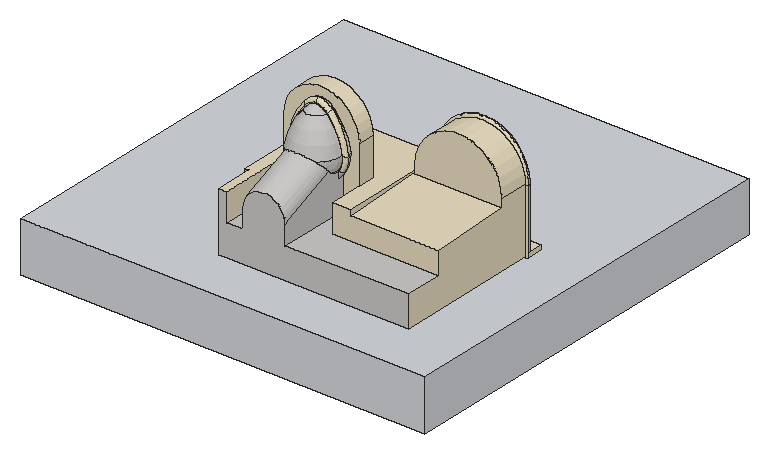
Revit family
Parameters (values of type "4049-L-1")
  Waste Connection = yes
  WO3 - Waste Outlet 3" OD in Lieu of Standard 2-3/8" OD = no
  WFU = 0
  Voltage = 0
  Vent Connection = no
  VF - Concealed H & C Foot Pedal Operated Air-Control Valve = no
  URL = "http://www.whitehallmfg.com"
  ULF - 1.6 GPF = no
  Type Comments = ""
  Toilet Waste - On-Floor, Wall Outlet = no
  Toilet Waste - On-Floor, Floor Outlet = no
  Toilet Waste - Off-Floor, Wall Outlet = no
  Toilet Material = Stainless Steel
  Tempered Water Connection = no
  SUG - Swing Up Grab Bar = no
  SO - Sensor Operated Valve = no
  SF - Special Finish (Specify Color) = no
  Revised Date = "24/07/2012"
  R - Right Hand Toilet = no
  Phone# = "626-336-4561"
  OCR - Optional Color Resin Countertop (Specify Color) = no
  OCP - Optional Color Plastic Panels (Specify Color) = no
  Model = "4049-L"
  Material = Laminate
  Manufacturer = "Whitehall Mfg"
  MT - Metal Template = no
  Lavatory Material = 304 Stainless Steel
  LS - Lavatory Hose Spray = no
  LLV - Less Lavy & Valve with Countertop = no
  LFN - Laminar Flow Nozzle = no
  LCTLV - Less Countertop, Lavy & Valve = no
  LCTL - Less Countertop & Lavy with Valve = no
  LCT - Less Countertop, with Lavy & Valve = no
  L - Left Hand Toilet = yes
  HWFU = 0
  HW Connection = yes
  HET - High Efficiency Toilet = no
  HET - 1.28 GPF = no
  GB - 23" Grab Bar = no
  EG - Enviro-Glaze: Toilet Interior (Specify Color) = no
  EG - Enviro-Glaze: Toilet Exterior Only (Specify Color) = no
  EG - Enviro-Glaze: Lavy (Specify Color) = no
  EC - Extended Countertop = no
  Designed By = "ATS BIM Team"
  Description = "Whitehall Versalette 47\" Wide"
  Default Elevation = 34 5/8"
  DB2 - Hemo-Dialysis Box, Dual Valve = no
  DB1 - Hemo-Dialysis Box, Single Valve = no
  Color Selection: Countertop _________ = no
  Color Selection: Cabinet_________ = no
  CWFU = 0
  CW Connection = yes
  CS - Stainless Steel Countertop = no
  CNCTL - Corian Countertop w/ Integral Corian Lavy = no
  CNCT - Corian Countertop w/ Stainless Steel Lavy = no
  CCL - Corterra Countertop with Integral Corterra Lavy = no
  BWD - Bedpan Washer Drain = no
  BL - Bedpan Lugs = no
  BAT - Battery Operated (-SO) = no
  Assembly Code = ""
  Amperage = 0
  AE - Aerator (on Gooseneck Spout) = no
  4 - Right & Left Hand Corner (Three Wall) = no
  3.5 GPF = no
  3 - Left Hand Corner (Two Wall) = no
  2 - Right Hand Corner (Two Wall) = no
  1 - Back Wall Only (One Wall) = yes
Reference planes
  plane 1 "Center (Front/Back)": y = 0
  plane 2: z = 0
  plane 3 "Center (Left/Right)": x = 0
  plane 4: y = -904.875
  plane 5: z = 187.027
  plane 6: z = 322.163
  plane 7: z = 355.6
  plane 8: y = -676.275
  plane 9: z = 641.35
  plane 10: z = 696.03
  plane 11: x = -298.45
  plane 12: x = 869.95
  plane 13: z = 666.75
  plane 14: x = 882.65
  plane 15: x = -311.15
  plane 16: x = 336.55
  plane 17: z = 812.8
  plane 18: x = 228.6
  plane 19: x = -228.6
  plane 20: z = 429.816
  plane 21: y = -125.016
  plane 22: x = 438.15
  plane 23: x = 520.7
  plane 24: x = 476.25
  plane 25: y = -695.325
  plane 26: x = -120.65
  plane 27: y = -142.875
  plane 28: x = 609.6
Forms (mm)
  Extrusion 1, solid
    sketch origin (0, 0, 0) x (1, 0, 0) y (0, 1, 0)
      loop
        line (-1219.2, 1219.2) -> (-1219.2, -1219.2) -> (1219.2, -1219.2) -> (1219.2, 1219.2) -> (-1219.2, 1219.2)
    from 0 to -304.8
  Extrusion 2, solid, material "Laminate" <- "Material"
    sketch origin (-184.15, 199.58, 127) x (1, 0, 0) y (0, 0, 1)
      loop
        line (-44.45, 228.6) -> (412.75, 228.6) -> (412.75, 457.2)
        arc (412.75, 457.2) -> (184.15, 685.8) -> (-44.45, 457.2) r 228.6
        line (-44.45, 457.2) -> (-44.45, 228.6)
    from 571.055 to 672.655
  Revolve 3, solid, material "Laminate" <- "Material"
    sketch origin (0, -511.175, 424.595) x (1, 0, 0) y (0, 0, -1)
      loop
        arc (-59.498, 68.995) -> (-102.872, 38.208) -> (-135.198, -4.031) r 177.8
        arc (-135.198, -4.031) -> (-149.607, -41.827) -> (-153.101, -82.124) r 146.109
        arc (-153.101, -82.124) -> (-121.485, -187.079) -> (-61.186, -278.615) r 379.412
        arc (-61.186, -278.615) -> (-33.475, -300.832) -> (0, -312.701) r 106.499
        line (0, -312.701) -> (0, -271.419)
        arc (0, -271.419) -> (-23.477, -264.815) -> (-40.606, -247.455) r 47.625
        arc (-40.606, -247.455) -> (-84.81, -177.697) -> (-111.177, -99.434) r 345.147
        arc (-111.177, -99.434) -> (-88.17, -4.318) -> (0, 38.135) r 114.3
        line (0, 38.135) -> (0, 68.995) -> (-59.498, 68.995)
      axis (0, -312.701) -> (0, 68.995)
    angle from 0 to 180
  Sweep 4, solid, material "Laminate" <- "Material"
    path origin (-184.15, 85.725, 127) x (1, 0, 0) y (0, 0, 1)
      loop
        arc (245.336, 576.21) -> (217.625, 598.427) -> (184.15, 610.296) r 106.499
        arc (184.15, 610.296) -> (150.675, 598.427) -> (122.964, 576.21) r 106.499
        arc (122.964, 576.21) -> (62.665, 484.674) -> (31.049, 379.719) r 379.412
        arc (31.049, 379.719) -> (34.543, 339.421) -> (48.952, 301.626) r 146.109
        arc (48.952, 301.626) -> (81.278, 259.387) -> (124.652, 228.6) r 177.8
        line (124.652, 228.6) -> (243.648, 228.6)
        arc (243.648, 228.6) -> (287.022, 259.387) -> (319.348, 301.626) r 177.8
        arc (319.348, 301.626) -> (333.757, 339.421) -> (337.251, 379.719) r 146.109
        arc (337.251, 379.719) -> (305.635, 484.674) -> (245.336, 576.21) r 379.412
    profile origin (0, 85.725, 737.296) x (0.172343, 0, 0.985037) y (0, -1, 0)
      loop
        spline (24.703, 572.919) -> (25.23, 575.776) -> (25.324, 578.681) -> (24.981, 581.566) -> (24.21, 584.365) -> (23.029, 587.013) -> (21.464, 589.447) -> (19.553, 591.611) -> (17.34, 593.455) -> (14.877, 594.935) -> (12.22, 596.018) -> (9.432, 596.678) -> (6.577, 596.9)
        line (6.577, 596.9) -> (0, 596.9) -> (0, 533.4) -> (14.272, 533.4) -> (24.703, 572.919)
  Extrusion 5, solid, material "Laminate" <- "Material"
    sketch origin (-298.45, 0, 0) x (0, 1, 0) y (0, 0, 1)
      loop
        line (-904.875, 0) -> (0, 0) -> (0, 355.6) -> (-904.875, 355.6) -> (-904.875, 0)
    from 0 to 1168.4
  Extrusion 6, void
    sketch origin (869.95, 0, 0) x (0, 0, -1) y (0, 1, 0)
      loop
        line (-322.148, -676.275) -> (-355.6, -25.4) -> (-355.6, -676.275) -> (-322.148, -676.275)
    from -533.4 to 0
  Extrusion 7, solid, material "Laminate" <- "Material"
    sketch origin (571.5, -25.4, 0) x (1, 0, 0) y (0, 0, 1)
      loop
        arc (298.45, 393.7) -> (38.1, 654.05) -> (-222.25, 393.7) r 260.35
        line (-222.25, 393.7) -> (-222.25, 332.598) -> (298.45, 332.598) -> (298.45, 393.7)
    from -25.4 to 177.8
  Sweep 8, solid, material "Laminate" <- "Material"
    path origin (571.5, 0, 0) x (1, 0, 0) y (0, 0, 1)
      loop
        line (311.15, 0) -> (311.15, 393.7)
        arc (311.15, 393.7) -> (38.1, 666.75) -> (-234.95, 393.7) r 273.05
        line (-234.95, 393.7) -> (-234.95, 355.6) -> (-882.65, 355.6) -> (-882.65, 0)
    profile origin (882.65, 0, 196.85) x (-1, 0, 0) y (0, -1, 0)
      loop
        line (12.7, 0) -> (12.7, 25.4)
        arc (12.7, 25.4) -> (3.72, 21.68) -> (0, 12.7) r 12.7
        arc (0, 12.7) -> (3.72, 3.72) -> (12.7, 0) r 12.7
  Extrusion 9, void
    sketch origin (869.95, 0, 0) x (0, 0, 1) y (0, 1, 0)
      loop
        line (355.6, -676.275) -> (187.027, -676.275) -> (187.027, -904.875) -> (355.6, -904.875) -> (355.6, -676.275)
    from 0 to 1098.55
  Extrusion 10, solid, material "Laminate" <- "Material"
    sketch origin (869.95, 0, 0) x (0, 0, -1) y (0, 1, 0)
      loop
        line (0, -16.809) -> (0, 76.2) -> (-25.4, 76.2) -> (-25.4, -16.809) -> (0, -16.809)
    from 12.7 to -1181.1
  Blend 11, solid, material "Laminate" <- "Material"
    base sketch origin (0, 0, 0) x (1, 0, 0) y (0, 0, 1)
      loop
        arc (127, 299.343) -> (0, 426.343) -> (-127, 299.343) r 127
        line (-127, 299.343) -> (-127, 187.027) -> (127, 187.027) -> (127, 299.343)
    top sketch origin (0, 0, 0) x (1, 0, 0) y (0, 0, 1)
      loop
        arc (127, 489.843) -> (0, 616.843) -> (-127, 489.843) r 127
        line (-127, 489.843) -> (-127, 187.027) -> (127, 187.027) -> (127, 489.843)
    from 904.875 to 473.075
  Extrusion 12, void
    sketch origin (0, 0, 0) x (1, 0, 0) y (0, 1, 0)
      loop
        line (-298.45, -676.275) -> (-298.45, -904.875) -> (-273.05, -904.875) -> (-273.05, -676.275) -> (-298.45, -676.275)
    from 0 to 355.6
  Extrusion 13, void
    sketch origin (0, 0, 0) x (1, 0, 0) y (0, 1, 0)
      loop
        line (-228.6, -904.875) -> (228.6, -904.875) -> (228.6, -473.075) -> (-228.6, -473.075) -> (-228.6, -904.875)
    from 187.027 to 355.6
  Blend 14, void
    base sketch origin (0, 0, 18.915) x (-1, 0, 0) y (0, 0, 1)
      loop
        arc (-496.019, 183.695) -> (-448.274, 195.612) -> (-411.729, 228.569) r 101.6
        arc (-411.729, 228.569) -> (-609.6, 619.657) -> (-807.471, 228.569) r 245.6
        arc (-807.471, 228.569) -> (-770.926, 195.612) -> (-723.181, 183.695) r 101.6
        line (-723.181, 183.695) -> (-496.019, 183.695)
    top sketch origin (0, 0, 18.915) x (-1, 0, 0) y (0, 0, 1)
      loop
        circle (-609.6, 322.148) r 19.066
    from 0 to -125.016
  Blend 15, solid, material "Laminate" <- "Material"
    base sketch origin (0, 0, 0) x (1, 0, 0) y (0, 0, 1)
      loop
        arc (215.621, 584.2) -> (0, 799.821) -> (-215.621, 584.2) r 215.621
        line (-215.621, 584.2) -> (-215.621, 429.816) -> (215.621, 429.816) -> (215.621, 584.2)
    top sketch origin (0, 0, 0) x (1, 0, 0) y (0, 0, 1)
      loop
        arc (209.271, 584.2) -> (0, 793.471) -> (-209.271, 584.2) r 209.271
        line (-209.271, 584.2) -> (-209.271, 436.166) -> (209.271, 436.166) -> (209.271, 584.2)
    from 371.475 to 358.775
  Extrusion 16, solid, material "Laminate" <- "Material"
    sketch origin (0, 0, 0) x (1, 0, 0) y (0, 1, 0)
      loop
        circle (520.7, -422.275) r 6.35
      loop
        circle (438.15, -231.775) r 19.05
      loop
        circle (-120.65, -142.875) r 12.7
      loop
        circle (0, -695.325) r 69.85
      loop
        circle (476.25, -320.675) r 4.763
      loop
        circle (520.7, -346.075) r 6.35
    from 0 to 0.397
Cuts and joins
  Extrusion 6, Extrusion 9, Extrusion 12, Extrusion 13, Blend 14 cuts Extrusion 5
  Blend 14 cuts Extrusion 7
  Blend 14 cuts Sweep 8
  Blend 14 cuts Extrusion 10
  joined: Extrusion 2, Revolve 3, Sweep 4, Extrusion 5, Extrusion 7, Sweep 8, Extrusion 10, Blend 11
Dimensions and locks
  plane 1 "Center (Front/Back)" to plane 4 = 35 5/8"
  plane 3 "Center (Left/Right)" to plane 11 = 11 3/4"
  plane 6 to Extrusion 1 = 12 175/256"
  plane 7 to Extrusion 1 = 14"
  Extrusion 5 to Extrusion 5 = 46"
  plane 15 to plane 14 = 47"
  level to plane 17 = 32"
  plane 18 to plane 19 = 18"
  Extrusion 1 to plane 7 = 14"
  Extrusion 1 to plane 13 = 26 1/4"
  plane 8 to plane 4 = 9"  (x2)
  plane 1 "Center (Front/Back)" to Extrusion 10 = 3"
  plane 4 to plane 1 "Center (Front/Back)" = 35 5/8"
  Extrusion 2 to Extrusion 2 = 4"
  Extrusion 2 to plane 4 = 21"
  plane 17 to level = 32"
  plane 20 to level = 16 59/64"
  plane 14 to plane 16 = 21 1/2"
  aligned and locked: plane 2 to Extrusion 1
  aligned and locked: level to Extrusion 1
Connectors
  piping at (520.7, -422.275, 0)
    settings: on Extrusion 16, index 1
  piping at (520.7, -346.075, 0)
    settings: on Extrusion 16, index 2
  piping at (438.15, -231.775, 0)
    settings: on Extrusion 16, index 3
  piping at (-120.65, -142.875, 0)
    settings: on Extrusion 16, index 4
  piping at (0, -695.325, 0)
    settings: on Extrusion 16, index 5
  piping at (476.25, -320.675, 0)
    settings: on Extrusion 16, index 6
